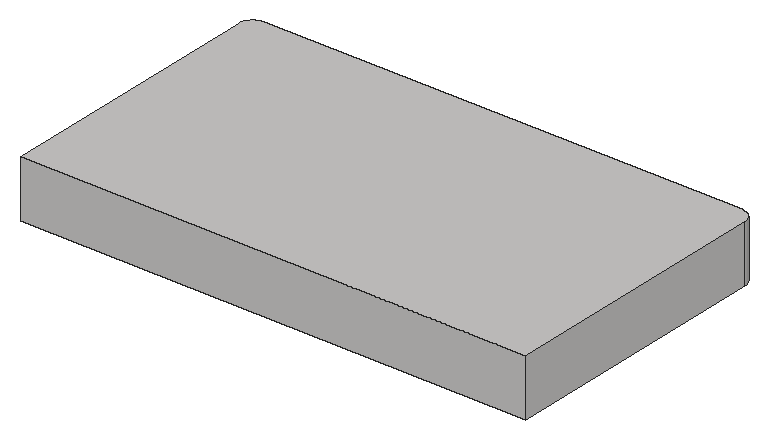
Revit family
Parameters (values of type "KB110-SSWM")
  offset [instance] = 0' - 0"
  Warranty Duration (Years) = 0
  Unit Width = 2' - 11 1/4"
  Unit Height = 1' - 8"
  Unit Depth = 0' - 4"
  URL = "http://www.bobrick.com/Pages/default.aspx"
  Specification = ""
  SpecWizard = ""
  Send Message = "http://www.arcat.com/users.pl?action=UserEmail&company=Bobrick+Washroom+Equipment,+Inc.&coid=30988&rep=156&fax=818-503-1930&mf="
  Sales Information = "http://www.bobrick.com/Pages/ContactUs.aspx"
  Revision = "R1_10-2012"
  Product Properties = ""
  Product Data = "http://arcat.com/arcatcos/cos30/arc30988.html?isac=1&r=1"
  Model = "KB110-SSWM"
  Manufacturer Website = "http://www.bobrick.com/Pages/default.aspx"
  Manufacturer Phone - Toll Free = ""
  Manufacturer Phone = "818-764-1000"
  Manufacturer Fax = "818-503-1930"
  Manufacturer Address = "11611 Hart St. North Hollywood, CA 91605-5882"
  Manufacturer = "Bobrick Washroom Equipment, Inc."
  Maintenance Schedule (Months) = 0
  Keynote = "102813"
  Installation-Fabrication = "http://www.bobrick.com/washroomaccessories/Pages/WashroomAccessories.aspx"
  Installation Phase = ""
  Green Building-LEED = ""
  Finish Material = Stainless Steel - Bobrick - Satin
  Expected Lifespan (Years) = 0
  Drawn By = "Sumex Design, Inc. / Robert S. Weygant, CSI, CDT, SCIP"
  Description = "Bobrick KB110-SSWM Surface Mounted Baby Changing Station"
  Default Elevation = 4' - 0"
  Copyright = "©Arcat Inc."
  Construction Details = ""
  Assembly Code = "E1090900"
Reference planes (in)
  plane 1 "Center (Front/Back)": y = 0
  plane 2 "Bottom": z = 0
  plane 3 "Center (Left/Right)": x = 0
  plane 4 "Front": y = -10
  plane 5 "Back": y = 10
  plane 6 "Left": x = -17.625
  plane 7 "Right": x = 17.625
  plane 8 "Top": z = 4
Forms (in)
  Extrusion 1, solid, material "Stainless Steel - Bobrick - Satin" <- "Finish Material"
    sketch origin (0, 0, 0) x (1, 0, 0) y (0, 1, 0)
      loop
        arc (-16.625, 10) -> (-17.33211, 9.70711) -> (-17.625, 9) r 1
        line (-17.625, 9) -> (-17.625, -10) -> (17.625, -10) -> (17.625, 9)
        arc (17.625, 9) -> (17.33211, 9.70711) -> (16.625, 10) r 1
        line (16.625, 10) -> (-16.625, 10)
    from 0 to 4
Lines and regions (in)
  model lines
    curve 1: line (-16.625, -10, 4) -> (-16.625, 9, 4)
    curve 2: line (-16.625, 9, 4) -> (16.625, 9, 4)
    curve 3: line (16.625, 9, 4) -> (16.625, -10, 4)
    curve 4: circle (0, 5.99064, 4) r 2 normal (0, 0, 1)
    curve 5: circle (0, 5.99064, 4) r 1.75 normal (0, 0, 1)
    curve 6: line (-1.75, 5.99064, 4) -> (1.75, 5.99064, 4)
  symbolic lines, style "SpecialityEquipmentHiddenLines"
    curve 7: line (-17.625, 0, 4) -> (-17.625, 0, 19.1875)
    curve 8: line (-17.625, 0, 19.1875) -> (17.625, 0, 19.1875)
    curve 9: line (17.625, 0, 19.1875) -> (17.625, 0, 4)
    curve 10: line (0, -10, 4) -> (0, -10, 19.1875)
    curve 11: arc (0, -10, 19.1875) -> (0, 2.01619, 14.74158) -> (0, 9, 4) r 20.36716
    curve 12: line (-16.625, 9, 4) -> (0, -10, 4)
    curve 13: line (0, -10, 4) -> (16.625, 9, 4)
Dimensions and locks (in)
  equal spacing: plane 6 "Left", plane 3 "Center (Left/Right)", plane 7 "Right"
  "Unit Width": plane 6 "Left" to plane 7 "Right"
  equal spacing: plane 5 "Back", plane 1 "Center (Front/Back)", plane 4 "Front"
  "Unit Height": plane 5 "Back" to plane 4 "Front"
  "Unit Depth": plane 8 "Top" to level
  curve 3 to plane 7 "Right" = 0' - 1"
  aligned and locked: Extrusion 1 sketch curve to plane 5 "Back"
  aligned and locked: plane 4 "Front" to Extrusion 1 sketch curve
  aligned and locked: Extrusion 1 sketch curve to plane 7 "Right"
  aligned and locked: plane 8 "Top" to Extrusion 1
Automatic sketch dimensions
  Extrusion 1 sketch curve to plane 6 "Left" = 0' - 0"
  Extrusion 1 sketch curve to plane 5 "Back" = 0' - 1"
  Extrusion 1 sketch curve to plane 7 "Right" = 0' - 1"
  curve 7 to plane 6 "Left" = 0' - 0"
  curve 8 to plane 7 "Right" = 0' - 0"
  curve 9 to plane 8 "Top" = 0' - 0"
  curve 7 to plane 8 "Top" = 0' - 0"
  curve 9 to curve 8 = 1' - 3 3/16"
  curve 10 to plane 4 "Front" = 0' - 0"
  curve 11 to plane 8 "Top" = 0' - 0"
  curve 11 to plane 4 "Front" = 0' - 0.70068"
  curve 11 to plane 5 "Back" = 0' - 1"
  curve 11 to level = 0' - 1.1676"
  curve 10 to plane 8 "Top" = 0' - 0"
  curve 4 to curve 5 = 0' - 0"  (x2)
  curve 4 to plane 3 "Center (Left/Right)" = 0' - 0"
  curve 12 to plane 3 "Center (Left/Right)" = 0' - 0"
  curve 1 to plane 4 "Front" = 0' - 0"
  curve 13 to plane 4 "Front" = 0' - 0"
  curve 3 to plane 4 "Front" = 0' - 0"
  plane 3 "Center (Left/Right)" to curve 6 = 0' - 1 3/4"
  plane 6 "Left" to curve 2 = 0' - 1"
  curve 6 to plane 5 "Back" = 0' - 4.00936"
  curve 5 to curve 6 = 0' - 0"
  curve 13 to plane 5 "Back" = 0' - 1"
  radius of curve 4 = 0' - 2"
